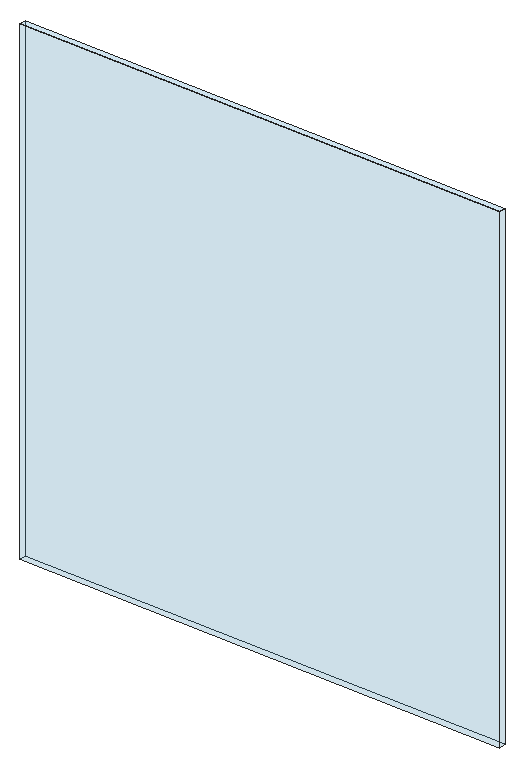
Revit family
Parameters (values of type "72" x 72"")
  Sealant = 0' - 0 3/8"
  SSO [instance] = yes
  SSI [instance] = yes
  Pocket Depth [instance] = 0' - 0 1/2"
  Head Height = Sill Height + Rough Height - Sealant  # 8' - 11 5/8"
  Depth [instance] = 0' - 4 1/2"
  Sill Height = 3' - 0"
  Rough Width = 6' - 0"
  Rough Height = 6' - 0"
  Model = "AG451T"
  Material = ""
  Manufacturer = "Arcadia"
  Sightline = 0' - 2 3/8"
  Height = Rough Height - Sealant - Sealant  # 5' - 11 1/4"
  Wall Closure = (empty or 0)
  Width = Rough Width - Sealant - Sealant  # 5' - 11 1/4"
  Glass Thickness [instance] = 0' - 1"
  Offset to Inside Face of Glass [instance] = 0' - 1 3/4"
  Construction Type = "Aluminum"
  Center of Rough Opening [instance] = Rough Width / 2  # 3' - 0"
  Center of Glass [instance] = Glass Thickness / 2  # 0' - 0 1/2"
  Center Wall to Outside Face [instance] = 0' - 2 7/8"
  CSO [instance] = yes
  CSI [instance] = yes
  Assembly Code = ""
Reference planes (in)
  plane 1 "Center (Front/Back)": y = 0
  plane 2: z = 0
  plane 3 "Center (Left/Right)": x = 12
  plane 4 "Rough Opening Bottom": z = 36
  plane 5 "Rough Opening Top": z = 108
  plane 6 "Exterior Face": y = 7.5
  plane 7 "Frame Top": z = 105.625
  plane 8 "Frame Bottom": z = 38.375
  plane 9 "Rough Opening Left": x = -24
  plane 10 "Rough Opening Right": x = 48
  plane 11 "Frame Left": x = -21.625
  plane 12 "Frame Right": x = 45.625
  plane 13 "Exterior Glass Edge": y = 4.73644
  plane 14 "Interior Glass Edge": y = 3.73644
  plane 15 "Glass Centerline": y = 4.23644
  plane 16 "Frame Outside": y = 6.48644
  plane 17 "Frame Inside": y = 1.98644
  plane 18: z = 106.125
  plane 19: z = 37.875
  plane 20: x = 46.125
  plane 21: x = -22.125
  plane 22: x = 47.625
  plane 23: x = -23.625
  plane 24: z = 107.625
  plane 25: z = 36.375
Forms (in)
  Extrusion 1, solid, material "Anodize Arcadia AC2 Clear #11", detail levels coarse
    sketch origin (0, 0, 36) x (0, -1, 0) y (1, 0, 0)
      loop
        line (-6.48644, -24) -> (-1.98644, -24) -> (-1.98644, -21.625) -> (-3.73644, -21.625) -> (-3.73644, -22.125) -> (-4.73644, -22.125) -> (-4.73644, -21.625) -> (-6.48644, -21.625) -> (-6.48644, -24)
    from 0 to 72 <- "Rough Height"
  Extrusion 2, solid, material "Anodize Arcadia AC2 Clear #11", detail levels coarse
    sketch origin (0, 0, 36) x (0, -1, 0) y (1, 0, 0)
      loop
        line (-6.48644, 45.625) -> (-4.73644, 45.625) -> (-4.73644, 46.125) -> (-3.73644, 46.125) -> (-3.73644, 45.625) -> (-1.98644, 45.625) -> (-1.98644, 48) -> (-6.48644, 48) -> (-6.48644, 45.625)
    from 0 to 72 <- "Rough Height"
  Extrusion 3, solid, material "Glass"
    sketch origin (-0.5, 0, 36) x (0, -1, 0) y (1, 0, 0)
      loop
        line (-4.73644, -21.625) -> (-3.73644, -21.625) -> (-3.73644, 46.625) -> (-4.73644, 46.625) -> (-4.73644, -21.625)
    from 1.875 to 70.125
  Extrusion 4, solid, material "Anodize Arcadia AC2 Clear #11", detail levels coarse
    sketch origin (-24, 0, 0) x (0, 1, 0) y (0, 0, 1)
      loop
        line (1.98644, 108) -> (1.98644, 105.625) -> (3.73644, 105.625) -> (3.73644, 106.125) -> (4.73644, 106.125) -> (4.73644, 105.625) -> (6.48644, 105.625) -> (6.48644, 108) -> (1.98644, 108)
    from 0 to 72 <- "Rough Width"
  Extrusion 5, solid, material "Anodize Arcadia AC2 Clear #11", detail levels coarse
    sketch origin (-24, 0, 0) x (0, 1, 0) y (0, 0, 1)
      loop
        line (6.48644, 38.375) -> (4.73644, 38.375) -> (4.73644, 37.875) -> (3.73644, 37.875) -> (3.73644, 38.375) -> (1.98644, 38.375) -> (1.98644, 36) -> (6.48644, 36) -> (6.48644, 38.375)
    from 0 to 72 <- "Rough Width"
  Extrusion 6, void
    sketch origin (0, 0, 36) x (0, -1, 0) y (1, 0, 0)
      loop
        line (-7.5, -24) -> (0.5, -24) -> (0.5, 48) -> (-7.5, 48) -> (-7.5, -24)
    from 0 to 72 <- "Rough Height"
Lines and regions (in)
  symbolic lines, detail levels coarse
    curve 1: line (-24, 6.48644, 0) -> (-21.625, 6.48644, 0)
    curve 2: line (-21.625, 6.48644, 0) -> (-21.625, 4.73644, 0)
    curve 3: line (46.125, 4.73644, 0) -> (-22.125, 4.73644, 0)
    curve 4: line (-22.125, 4.73644, 0) -> (-22.125, 3.73644, 0)
    curve 5: line (-22.125, 3.73644, 0) -> (46.125, 3.73644, 0)
    curve 6: line (-21.625, 3.73644, 0) -> (-21.625, 1.98644, 0)
    curve 7: line (-21.625, 1.98644, 0) -> (-24, 1.98644, 0)
    curve 8: line (-24, 1.98644, 0) -> (-24, 6.48644, 0)
    curve 9: line (48, 6.48644, 0) -> (45.625, 6.48644, 0)
    curve 10: line (45.625, 6.48644, 0) -> (45.625, 4.73644, 0)
    curve 11: line (46.125, 4.73644, 0) -> (46.125, 3.73644, 0)
    curve 12: line (45.625, 3.73644, 0) -> (45.625, 1.98644, 0)
    curve 13: line (45.625, 1.98644, 0) -> (48, 1.98644, 0)
    curve 14: line (48, 1.98644, 0) -> (48, 6.48644, 0)
Text (in)
  text "EXTERIOR" at (-58.6888, 50.90694, 0), in view "Ref. Level"
  text "INTERIOR" at (-58.6888, -37.76638, 0), in view "Ref. Level"
  text "Exterior" at (0, 43.65631, 123.19604), in view "Left"
  text "Exterior" at (0, 18.29385, 125.04747), in view "Right"
Dimensions and locks (in)
  "Rough Height": plane 4 "Rough Opening Bottom" to plane 5 "Rough Opening Top"
  "Sill Height": plane 2 to plane 4 "Rough Opening Bottom"
  "Sightline": plane 7 "Frame Top" to plane 5 "Rough Opening Top"
  "Sightline": plane 4 "Rough Opening Bottom" to plane 8 "Frame Bottom"
  "Rough Width": plane 9 "Rough Opening Left" to plane 10 "Rough Opening Right"
  "Sightline": plane 9 "Rough Opening Left" to plane 11 "Frame Left"
  "Sightline": plane 12 "Frame Right" to plane 10 "Rough Opening Right"
  "Depth": plane 17 "Frame Inside" to plane 16 "Frame Outside"
  "Glass Thickness": plane 13 "Exterior Glass Edge" to plane 14 "Interior Glass Edge"
  "Center of Glass": plane 15 "Glass Centerline" to plane 14 "Interior Glass Edge"
  "Center of Rough Opening": plane 9 "Rough Opening Left" to plane 3 "Center (Left/Right)"
  "Offset to Inside Face of Glass": plane 17 "Frame Inside" to plane 14 "Interior Glass Edge"
  "Pocket Depth": plane 12 "Frame Right" to plane 20
  "Pocket Depth": plane 21 to plane 11 "Frame Left"
  "Pocket Depth": plane 7 "Frame Top" to plane 18
  "Pocket Depth": plane 19 to plane 8 "Frame Bottom"
  "Sealant": plane 22 to plane 10 "Rough Opening Right"
  "Sealant": plane 9 "Rough Opening Left" to plane 23
  "Sealant": plane 4 "Rough Opening Bottom" to plane 25
  "Sealant": plane 24 to plane 5 "Rough Opening Top"
  aligned and locked: plane 6 "Exterior Face" to host wall
  aligned and locked: Extrusion 1 sketch curve to plane 17 "Frame Inside"
  aligned and locked: plane 16 "Frame Outside" to Extrusion 1 sketch curve
  aligned and locked: Extrusion 1 sketch curve to plane 11 "Frame Left"
  aligned and locked: plane 9 "Rough Opening Left" to Extrusion 1 sketch curve
  aligned and locked: plane 12 "Frame Right" to Extrusion 2 sketch curve
  aligned and locked: Extrusion 2 sketch curve to plane 10 "Rough Opening Right"
  aligned and locked: Extrusion 2 sketch curve to plane 17 "Frame Inside"
  aligned and locked: plane 16 "Frame Outside" to Extrusion 2 sketch curve
  aligned and locked: Extrusion 3 sketch curve to plane 13 "Exterior Glass Edge"
  aligned and locked: plane 14 "Interior Glass Edge" to Extrusion 3 sketch curve
  aligned and locked: plane 5 "Rough Opening Top" to Extrusion 4 sketch curve
  aligned and locked: Extrusion 4 sketch curve to plane 7 "Frame Top"
  aligned and locked: Extrusion 4 sketch curve to plane 17 "Frame Inside"
  aligned and locked: plane 16 "Frame Outside" to Extrusion 4 sketch curve
  aligned and locked: Extrusion 5 sketch curve to plane 4 "Rough Opening Bottom"
  aligned and locked: plane 8 "Frame Bottom" to Extrusion 5 sketch curve
  aligned and locked: Extrusion 5 sketch curve to plane 17 "Frame Inside"
  aligned and locked: plane 16 "Frame Outside" to Extrusion 5 sketch curve
  aligned and locked: plane 4 "Rough Opening Bottom" to nested 3
  aligned and locked: nested 2 to plane 5 "Rough Opening Top"
  aligned and locked: plane 19 to Extrusion 3
  aligned and locked: Extrusion 3 to plane 18
  aligned and locked: plane 17 "Frame Inside" to nested 3
  aligned and locked: plane 17 "Frame Inside" to nested 2
  aligned and locked: nested 1 to plane 16 "Frame Outside"
  aligned and locked: plane 10 "Rough Opening Right" to nested 1
  aligned and locked: nested 4 to plane 9 "Rough Opening Left"
  aligned and locked: plane 17 "Frame Inside" to nested 4
  aligned and locked: plane 13 "Exterior Glass Edge" to Extrusion 5 sketch curve
  aligned and locked: Extrusion 5 sketch curve to plane 14 "Interior Glass Edge"
  aligned and locked: plane 19 to Extrusion 5 sketch curve
  aligned and locked: Extrusion 4 sketch curve to plane 13 "Exterior Glass Edge"
  aligned and locked: plane 18 to Extrusion 4 sketch curve
  aligned and locked: plane 14 "Interior Glass Edge" to Extrusion 4 sketch curve
  aligned and locked: plane 14 "Interior Glass Edge" to Extrusion 2 sketch curve
  aligned and locked: Extrusion 2 sketch curve to plane 20
  aligned and locked: Extrusion 2 sketch curve to plane 13 "Exterior Glass Edge"
  aligned and locked: Extrusion 1 sketch curve to plane 14 "Interior Glass Edge"
  aligned and locked: Extrusion 1 sketch curve to plane 21
  aligned and locked: plane 13 "Exterior Glass Edge" to Extrusion 1 sketch curve
  aligned and locked: plane 16 "Frame Outside" to curve 1
  aligned and locked: plane 9 "Rough Opening Left" to curve 8
  aligned and locked: curve 2 to plane 11 "Frame Left"
  aligned and locked: curve 6 to plane 11 "Frame Left"
  aligned and locked: curve 4 to plane 21
  aligned and locked: curve 7 to plane 17 "Frame Inside"
  aligned and locked: curve 5 to plane 14 "Interior Glass Edge"
  aligned and locked: plane 13 "Exterior Glass Edge" to curve 3
  aligned and locked: curve 10 to plane 12 "Frame Right"
  aligned and locked: curve 12 to plane 12 "Frame Right"
  aligned and locked: curve 11 to plane 20
  aligned and locked: plane 10 "Rough Opening Right" to curve 14
  aligned and locked: curve 9 to plane 16 "Frame Outside"
  aligned and locked: plane 17 "Frame Inside" to curve 13
  aligned and locked: plane 9 "Rough Opening Left" to import instance  (x4)
  aligned and locked: plane 16 "Frame Outside" to import instance  (x6)
  aligned and locked: plane 10 "Rough Opening Right" to import instance  (x4)
  aligned and locked: import instance to plane 16 "Frame Outside"  (x6)
  aligned and locked: plane 13 "Exterior Glass Edge" to import instance  (x2)
  aligned and locked: plane 5 "Rough Opening Top" to import instance  (x2)
  aligned and locked: import instance to plane 5 "Rough Opening Top"  (x2)
  aligned and locked: import instance to plane 4 "Rough Opening Bottom"  (x2)
  aligned and locked: import instance to plane 17 "Frame Inside"  (x2)
  aligned and locked: plane 4 "Rough Opening Bottom" to import instance  (x2)
  aligned and locked: level to plane 2
  aligned and locked: plane 9 "Rough Opening Left" to Extrusion 6 sketch curve
  aligned and locked: plane 6 "Exterior Face" to Extrusion 6 sketch curve
  aligned and locked: host wall to Extrusion 6 sketch curve
  aligned and locked: plane 10 "Rough Opening Right" to Extrusion 6 sketch curve
Automatic sketch dimensions
  Extrusion 3 sketch curve to plane 21 = 0' - 0"
  Extrusion 3 sketch curve to plane 20 = 0' - 0"
  Extrusion 5 sketch curve to plane 8 "Frame Bottom" = 0' - 0"
  Extrusion 4 sketch curve to plane 7 "Frame Top" = 0' - 0"
  Extrusion 2 sketch curve to plane 12 "Frame Right" = 0' - 0"
  Extrusion 1 sketch curve to plane 11 "Frame Left" = 0' - 0"
Nested families (in)
  nested 1: "Window-Arcadia-AFG7251-Med-Jamb-R" at (46.9375, 4.23644, 0) x (-1, 0, 0) z (0, 0, 1), type "Window-Arcadia-AFG7251-Med-Jamb-R", detail levels medium
    with Sightline 0' - 2 3/8", Pocket Depth 0' - 0 1/2", Offset to Inside Face of Glass 0' - 1 3/4", Glass Width 0' - 1", Frame Wall Thickness 0' - 0 3/32", Depth 0' - 4 1/2", Center of Glass 0' - 0 1/2"
  nested 2: "Window-Arcadia-AFG7251-Med-Head" at (33.875, 4.23644, 108) x (0, -1, 0) z (1, 0, 0), type "Window-Arcadia-AFG7251-Med-Head", detail levels medium
    with Sightline 0' - 2 3/8", Pocket Depth 0' - 0 1/2", Offset to Inside Face of Glass 0' - 1 3/4", Glass Width 0' - 1", Frame Wall Thickness 0' - 0 3/32", Depth 0' - 4 1/2", Center of Glass 0' - 0 1/2"
  nested 3: "Window-Arcadia-AFG7251-Med-Sill" at (33.875, 4.23644, 36) x (0, -1, 0) z (1, 0, 0), type "Window-Arcadia-AFG7251-Med-Sill", detail levels medium
    with Sightline 0' - 2 3/8", Pocket Depth 0' - 0 1/2", Offset to Inside Face of Glass 0' - 1 3/4", Glass Width 0' - 1", Frame Wall Thickness 0' - 0 3/32", Depth 0' - 4 1/2", Center of Glass 0' - 0 1/2"
  nested 4: "Window-Arcadia-AFG7251-Med-Jamb-L" at (-22.9375, 4.23644, 0) x (-1, 0, 0) z (0, 0, 1), type "Window-Arcadia-AFG7251-Med-Jamb-L", detail levels medium
    with Sightline 0' - 2 3/8", Pocket Depth 0' - 0 1/2", Offset to Inside Face of Glass 0' - 1 3/4", Glass Width 0' - 1", Frame Wall Thickness 0' - 0 3/32", Depth 0' - 4 1/2", Center of Glass 0' - 0 1/2"
Definition of nested family "Window-Arcadia-AFG7251-Med-Jamb-R"
  Parameters (values of type "Window-Arcadia-TC670-Med-Jamb-R")
    Depth [instance] = 0' - 6"
    Pocket Depth [instance] = 0' - 0 3/4"
    Offset to Inside Face of Glass [instance] = 0' - 4"
    Glass Width [instance] = 0' - 1"
    Sightline [instance] = 0' - 2 5/8"
    Center of Glass [instance] = Glass Width / 2  # 0' - 0 1/2"
    Frame Wall Thickness [instance] = 0' - 0 3/32"
    Assembly Code = ""
  Reference planes (in)
    plane 1 "Center (Front/Back)": y = 0
    plane 2: z = 0
    plane 3: x = 1.5625
    plane 4 "back": x = -1.0625
    plane 5: y = 4.5
    plane 6: y = -1.5
    plane 7 "Inside Face of Glass": y = 0.5
    plane 8: y = -0.5
    plane 9: x = 0.8125
  Lines and regions (in)
    detail lines, in view "Ref. Level", detail levels medium
      curve 1: line (-1.0625, 4.5, 0) -> (-1.0625, -1.5, 0)
      curve 2: line (-1.0625, -1.5, 0) -> (1.5625, -1.5, 0)
      curve 3: line (1.5625, -1.5, 0) -> (1.5625, -0.5, 0)
      curve 4: line (1.5625, -0.5, 0) -> (0.8125, -0.5, 0)
      curve 5: line (0.8125, -0.5, 0) -> (0.8125, 0.5, 0)
      curve 6: line (0.8125, 0.5, 0) -> (1.5625, 0.5, 0)
      curve 7: line (1.5625, 0.5, 0) -> (1.5625, 4.5, 0)
      curve 8: line (1.5625, 4.5, 0) -> (-1.0625, 4.5, 0)
      curve 9: line (1.46875, 4.40625, 0) -> (-0.96875, 4.40625, 0)
      curve 10: line (-0.96875, 4.40625, 0) -> (-0.96875, -1.40625, 0)
      curve 11: line (-0.96875, -1.40625, 0) -> (1.46875, -1.40625, 0)
      curve 12: line (1.46875, -1.40625, 0) -> (1.46875, -0.59375, 0)
      curve 13: line (1.46875, -0.59375, 0) -> (0.71875, -0.59375, 0)
      curve 14: line (0.71875, -0.59375, 0) -> (0.71875, 0.59375, 0)
      curve 15: line (0.71875, 0.59375, 0) -> (1.46875, 0.59375, 0)
      curve 16: line (1.46875, 0.59375, 0) -> (1.46875, 4.40625, 0)
      curve 17: line (1.5625, 4.5, 0) -> (-1.0625, 4.5, 0)
      curve 18: line (-1.0625, 4.40625, 0) -> (-1.0625, -1.5, 0)
  Dimensions and locks (in)
    "Sightline": plane 4 "back" to plane 3
    "Depth": plane 5 to plane 6
    "Center of Glass": plane 1 "Center (Front/Back)" to plane 7 "Inside Face of Glass"
    "Glass Width": plane 8 to plane 7 "Inside Face of Glass"
    "Pocket Depth": plane 9 to plane 3
    "Offset to Inside Face of Glass": plane 5 to plane 7 "Inside Face of Glass"
    "Frame Wall Thickness": plane 5 to curve 9
    "Frame Wall Thickness": plane 4 "back" to curve 10
    "Frame Wall Thickness": curve 11 to plane 6
    "Frame Wall Thickness": curve 12 to plane 3
    "Frame Wall Thickness": curve 13 to plane 8
    "Frame Wall Thickness": plane 7 "Inside Face of Glass" to curve 15
    "Frame Wall Thickness": curve 14 to plane 9
    "Frame Wall Thickness": curve 16 to plane 3
    aligned and locked: plane 5 to curve 8
    aligned and locked: curve 1 to plane 4 "back"
    aligned and locked: curve 2 to plane 6
    aligned and locked: plane 3 to curve 3
    aligned and locked: curve 4 to plane 8
    aligned and locked: plane 9 to curve 5
    aligned and locked: plane 7 "Inside Face of Glass" to curve 6
    aligned and locked: plane 3 to curve 7
  Automatic sketch dimensions
    curve 18 to curve 9 = 0' - 0"
Definition of nested family "Window-Arcadia-AFG7251-Med-Head"
  Parameters (values of type "Window-Arcadia-A400-Med-Head")
    Depth [instance] = 0' - 6"
    Pocket Depth [instance] = 0' - 0 1/2"
    Offset to Inside Face of Glass [instance] = 0' - 4"
    Glass Width [instance] = 0' - 1"
    Sightline [instance] = 0' - 2 5/8"
    Center of Glass [instance] = Glass Width / 2  # 0' - 0 1/2"
    Frame Wall Thickness [instance] = 0' - 0 3/32"
    Assembly Code = ""
  Reference planes (in)
    plane 1 "Center (Front/Back)": y = 0
    plane 2: z = 0
    plane 3 "Center (Left/Right)": x = 0
    plane 4: x = -0.5
    plane 5 "Inside Face of Glass": x = 0.5
    plane 6: y = -2.625
    plane 7: x = 4.5
    plane 8: x = -1.5
    plane 9: y = -2.125
  Lines and regions (in)
    detail lines, in view "Ref. Level", detail levels medium
      curve 1: line (-1.5, 0, 0) -> (-1.5, -2.625, 0)
      curve 2: line (-1.5, -2.625, 0) -> (-0.5, -2.625, 0)
      curve 3: line (-0.5, -2.625, 0) -> (-0.5, -2.125, 0)
      curve 4: line (-0.5, -2.125, 0) -> (0.5, -2.125, 0)
      curve 5: line (0.5, -2.125, 0) -> (0.5, -2.625, 0)
      curve 6: line (0.5, -2.625, 0) -> (4.5, -2.625, 0)
      curve 7: line (4.5, -2.625, 0) -> (4.5, 0, 0)
      curve 8: line (4.5, 0, 0) -> (-1.5, 0, 0)
      curve 9: line (-1.40625, -0.09375, 0) -> (-1.40625, -2.53125, 0)
      curve 10: line (4.40625, -0.09375, 0) -> (-1.40625, -0.09375, 0)
      curve 11: line (4.40625, -2.53125, 0) -> (4.40625, -0.09375, 0)
      curve 12: line (0.59375, -2.53125, 0) -> (4.40625, -2.53125, 0)
      curve 13: line (-1.40625, -2.53125, 0) -> (-0.59375, -2.53125, 0)
      curve 14: line (-0.59375, -2.53125, 0) -> (-0.59375, -2.03125, 0)
      curve 15: line (-0.59375, -2.03125, 0) -> (0.59375, -2.03125, 0)
      curve 16: line (0.59375, -2.03125, 0) -> (0.59375, -2.53125, 0)
  Dimensions and locks (in)
    "Sightline": plane 6 to plane 1 "Center (Front/Back)"
    "Depth": plane 8 to plane 7
    "Pocket Depth": plane 6 to plane 9
    "Offset to Inside Face of Glass": plane 5 "Inside Face of Glass" to plane 7
    "Glass Width": plane 4 to plane 5 "Inside Face of Glass"
    "Center of Glass": plane 3 "Center (Left/Right)" to plane 5 "Inside Face of Glass"
    "Frame Wall Thickness": plane 8 to curve 9
    "Frame Wall Thickness": curve 10 to plane 1 "Center (Front/Back)"
    "Frame Wall Thickness": curve 11 to plane 7
    "Frame Wall Thickness": plane 6 to curve 12
    "Frame Wall Thickness": plane 6 to curve 13
    "Frame Wall Thickness": plane 9 to curve 15
    "Frame Wall Thickness": plane 5 "Inside Face of Glass" to curve 16
    "Frame Wall Thickness": curve 14 to plane 4
    aligned and locked: curve 8 to plane 1 "Center (Front/Back)"
    aligned and locked: plane 7 to curve 7
    aligned and locked: curve 1 to plane 8
    aligned and locked: plane 9 to curve 4
    aligned and locked: plane 4 to curve 3
    aligned and locked: plane 6 to curve 2
    aligned and locked: plane 6 to curve 6
  Automatic sketch dimensions
    curve 5 to plane 5 "Inside Face of Glass" = 0' - 0"
Definition of nested family "Window-Arcadia-AFG7251-Med-Sill"
  Parameters (values of type "Window-Arcadia-A400-Med-Sill")
    Depth [instance] = 0' - 6"
    Pocket Depth [instance] = 0' - 0 1/2"
    Offset to Inside Face of Glass [instance] = 0' - 4"
    Glass Width [instance] = 0' - 1"
    Sightline [instance] = 0' - 2 5/8"
    Center of Glass [instance] = Glass Width / 2  # 0' - 0 1/2"
    Frame Wall Thickness [instance] = 0' - 0 3/32"
    Assembly Code = ""
  Reference planes (in)
    plane 1 "Center (Front/Back)": y = 0
    plane 2: z = 0
    plane 3 "Center (Left/Right)": x = 0
    plane 4: x = -0.5
    plane 5 "Inside Face of Glass": x = 0.5
    plane 6: y = 2.625
    plane 7: x = 4.5
    plane 8: x = -1.5
    plane 9: y = 2.125
  Lines and regions (in)
    detail lines, in view "Ref. Level", detail levels medium
      curve 1: line (-1.5, 2.625, 0) -> (-1.5, 0, 0)
      curve 2: line (-1.5, 0, 0) -> (4.5, 0, 0)
      curve 3: line (4.5, 0, 0) -> (4.5, 2.625, 0)
      curve 4: line (4.5, 2.625, 0) -> (0.5, 2.625, 0)
      curve 5: line (0.5, 2.625, 0) -> (0.5, 2.125, 0)
      curve 6: line (0.5, 2.125, 0) -> (-0.5, 2.125, 0)
      curve 7: line (-0.5, 2.125, 0) -> (-0.5, 2.625, 0)
      curve 8: line (-0.5, 2.625, 0) -> (-1.5, 2.625, 0)
      curve 9: line (-0.59375, 2.53125, 0) -> (-1.40625, 2.53125, 0)
      curve 10: line (-1.40625, 2.53125, 0) -> (-1.40625, 0.09375, 0)
      curve 11: line (-1.40625, 0.09375, 0) -> (4.40625, 0.09375, 0)
      curve 12: line (4.40625, 0.09375, 0) -> (4.40625, 2.53125, 0)
      curve 13: line (4.40625, 2.53125, 0) -> (0.59375, 2.53125, 0)
      curve 14: line (0.59375, 2.53125, 0) -> (0.59375, 2.03125, 0)
      curve 15: line (0.59375, 2.03125, 0) -> (-0.59375, 2.03125, 0)
      curve 16: line (-0.59375, 2.03125, 0) -> (-0.59375, 2.53125, 0)
  Dimensions and locks (in)
    "Pocket Depth": plane 9 to plane 6
    "Sightline": plane 1 "Center (Front/Back)" to plane 6
    "Depth": plane 8 to plane 7
    "Offset to Inside Face of Glass": plane 5 "Inside Face of Glass" to plane 7
    "Glass Width": plane 4 to plane 5 "Inside Face of Glass"
    "Center of Glass": plane 3 "Center (Left/Right)" to plane 5 "Inside Face of Glass"
    "Frame Wall Thickness": curve 9 to plane 6
    "Frame Wall Thickness": plane 8 to curve 10
    "Frame Wall Thickness": plane 1 "Center (Front/Back)" to curve 11
    "Frame Wall Thickness": curve 12 to plane 7
    "Frame Wall Thickness": curve 13 to plane 6
    "Frame Wall Thickness": plane 5 "Inside Face of Glass" to curve 14
    "Frame Wall Thickness": curve 15 to plane 9
    "Frame Wall Thickness": curve 16 to plane 4
    aligned and locked: plane 1 "Center (Front/Back)" to curve 2
    aligned and locked: plane 7 to curve 3
    aligned and locked: curve 1 to plane 8
    aligned and locked: curve 8 to plane 6
    aligned and locked: curve 4 to plane 6
    aligned and locked: curve 6 to plane 9
    aligned and locked: curve 5 to plane 5 "Inside Face of Glass"
    aligned and locked: plane 4 to curve 7
  Automatic sketch dimensions
    curve 7 to plane 9 = 0' - 0"
Definition of nested family "Window-Arcadia-AFG7251-Med-Jamb-L"
  Parameters (values of type "Window-Arcadia-TC670-Med-Jamb-L")
    Depth [instance] = 0' - 6"
    Pocket Depth [instance] = 0' - 0 1/2"
    Offset to Inside Face of Glass [instance] = 0' - 4"
    Glass Width [instance] = 0' - 1"
    Sightline [instance] = 0' - 2 1/8"
    Center of Glass [instance] = Glass Width / 2  # 0' - 0 1/2"
    Frame Wall Thickness [instance] = 0' - 0 3/32"
    Assembly Code = ""
  Reference planes (in)
    plane 1 "Center (Front/Back)": y = 0
    plane 2: z = 0
    plane 3 "BACK": x = 1.0625
    plane 4 "FRONT": x = -1.0625
    plane 5: y = 1.5
    plane 6: y = -4.5
    plane 7 "Inside Face of Glass": y = 0.5
    plane 8: y = -0.5
    plane 9: x = -0.5625
  Lines and regions (in)
    detail lines, in view "Ref. Level", detail levels medium
      curve 1: line (1.0625, 1.5, 0) -> (1.0625, -4.5, 0)
      curve 2: line (1.0625, -4.5, 0) -> (-1.0625, -4.5, 0)
      curve 3: line (-1.0625, -4.5, 0) -> (-1.0625, -0.5, 0)
      curve 4: line (-1.0625, -0.5, 0) -> (-0.5625, -0.5, 0)
      curve 5: line (-0.5625, -0.5, 0) -> (-0.5625, 0.5, 0)
      curve 6: line (-0.5625, 0.5, 0) -> (-1.0625, 0.5, 0)
      curve 7: line (-1.0625, 0.5, 0) -> (-1.0625, 1.5, 0)
      curve 8: line (-1.0625, 1.5, 0) -> (1.0625, 1.5, 0)
      curve 9: line (-0.96875, 1.40625, 0) -> (0.96875, 1.40625, 0)
      curve 10: line (-0.96875, 0.59375, 0) -> (-0.96875, 1.40625, 0)
      curve 11: line (-0.46875, 0.59375, 0) -> (-0.96875, 0.59375, 0)
      curve 12: line (-0.46875, -0.59375, 0) -> (-0.46875, 0.59375, 0)
      curve 13: line (-0.96875, -0.59375, 0) -> (-0.46875, -0.59375, 0)
      curve 14: line (-0.96875, -4.40625, 0) -> (-0.96875, -0.59375, 0)
      curve 15: line (0.96875, -4.40625, 0) -> (-0.96875, -4.40625, 0)
      curve 16: line (0.96875, 1.40625, 0) -> (0.96875, -4.40625, 0)
  Dimensions and locks (in)
    "Depth": plane 5 to plane 6
    "Pocket Depth": plane 4 "FRONT" to plane 9
    "Sightline": plane 4 "FRONT" to plane 3 "BACK"
    "Glass Width": plane 8 to plane 7 "Inside Face of Glass"
    "Center of Glass": plane 1 "Center (Front/Back)" to plane 7 "Inside Face of Glass"
    "Frame Wall Thickness": plane 4 "FRONT" to curve 10
    "Frame Wall Thickness": plane 5 to curve 9
    "Frame Wall Thickness": curve 15 to plane 6
    "Frame Wall Thickness": curve 13 to plane 8
    "Frame Wall Thickness": plane 9 to curve 12
    "Frame Wall Thickness": plane 7 "Inside Face of Glass" to curve 11
    "Frame Wall Thickness": plane 4 "FRONT" to curve 14
    "Offset to Inside Face of Glass": plane 6 to plane 8
    aligned and locked: curve 8 to plane 5
    aligned and locked: curve 1 to plane 3 "BACK"
    aligned and locked: plane 6 to curve 2
    aligned and locked: curve 3 to plane 4 "FRONT"
    aligned and locked: plane 8 to curve 4
    aligned and locked: plane 9 to curve 5
    aligned and locked: curve 6 to plane 7 "Inside Face of Glass"
    aligned and locked: plane 4 "FRONT" to curve 7
  Automatic sketch dimensions
    curve 16 to plane 3 "BACK" = 0' - 0 3/32"
